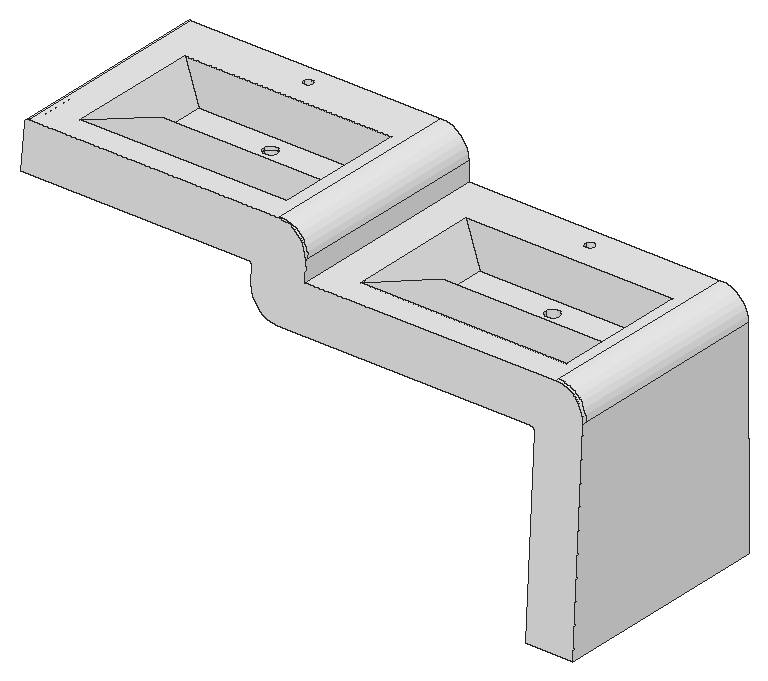
Revit family "Basin-Multi_Station-Sloan-SloanStone-ELWF-Series", category Plumbing Fixtures, Revit 2014
Parameters (values of type "ELWF-82000")
  Width = 22"
  Waste Connection Height = 13"
  Waste Connection Diameter = 1 1/2"  # constant formula
  Waste Connection = yes
  Waste 1 Location = 30"
  Warranty Information = "3 Year (Limited)"  # constant formula
  WFU = 2
  Vent Connection = no
  URL = "https://www.sloan.com/"
  Product Page URL = ""
  Product Documentation Link = "https://specifications.sloan.com/sloan-spec/template/spec-template/fixtureId/29310"
  Price = "Prices may vary. Please consult Manufacturer Representative for most up-to-date price list."  # constant formula
  Model = "ELWF-82000"
  Material = "SloanStone-Sloan-WH-White"
  Manufacturer = "Sloan"  # constant formula
  Length = 60"
  Installation Type = "Wall Mounted"  # constant formula
  IAPMO Compliance = "UPC"
  Hot Water Connection Width = 2"  # constant formula
  Hot Water Connection Height = 15"  # constant formula
  Hot Water Connection Diameter = 1/2"  # constant formula
  Height = 30"
  HWFU = 1.5
  HW Connection = yes
  Finish = SloanStone-Sloan-WH-White
  Faucet 4 = no
  Faucet 3 = no
  Faucet 2 = yes
  Faucet 1 = yes
  Diameter Waste 4 = if(Faucet 4, 1 1/2", 0")  # 0"
  Diameter Waste 3 = if(Faucet 3, 1 1/2", 0")  # 0"
  Diameter Waste 2 = if(Faucet 2, 1 1/2", 0")  # 1 1/2"
  Diameter Waste 1 = if(Faucet 1, 1 1/2", 0")  # 1 1/2"
  Diameter Faucet 4 = if(Faucet 4, 1/2", 0")  # 0"
  Diameter Faucet 3 = if(Faucet 3, 1/2", 0")  # 0"
  Diameter Faucet 2 = if(Faucet 2, 1/2", 0")  # 1/2"
  Diameter Faucet 1 = if(Faucet 1, 1/2", 0")  # 1/2"
  Description Waste 4 = if(Faucet 4, "1 1/2'' Waste Connection Outlet", " ")  # " "
  Description Waste 3 = if(Faucet 3, "1 1/2'' Waste Connection Outlet", " ")  # " "
  Description Waste 2 = if(Faucet 2, "1 1/2'' Waste Connection Outlet", " ")  # "1 1/2'' Waste Connection Outlet"
  Description Waste 1 = if(Faucet 1, "1 1/2'' Waste Connection Outlet", " ")  # "1 1/2'' Waste Connection Outlet"
  HW Connection 4 = if(Faucet 4, "1/2'' HW Inlet 4", " ")  # " "
  HW Connection 3 = if(Faucet 3, "1/2'' HW Inlet 3", " ")  # " "
  HW Connection 2 = if(Faucet 2, "1/2'' HW Inlet 2", " ")  # "1/2'' HW Inlet 2"
  Description = "Two station solid surface waterfall lavatory system equipped with Sloan sensor activated faucets.\r"  # constant formula
  HW Connection 1 = if(Faucet 1, "1/2'' HW Inlet 1", " ")  # "1/2'' HW Inlet 1"
  Default Elevation = 0"
  Creation Date = "5/24/18"  # constant formula
  Cold Water Connection Width = Hot Water Connection Width  # 2"
  Cold Water Connection Height = Hot Water Connection Height  # 15"
  Cold Water Connection Diameter = Hot Water Connection Diameter  # 1/2"
  CWFU = 1.5
  CW Connection 4 = if(Faucet 4, "1/2'' CW Inlet 4", " ")  # " "
  CW Connection 3 = if(Faucet 3, "1/2'' CW Inlet 3", " ")  # " "
  CW Connection 2 = if(Faucet 2, "1/2'' CW Inlet 2", " ")  # "1/2'' CW Inlet 2"
  CW Connection 1 = if(Faucet 1, "1/2'' CW Inlet 1", " ")  # "1/2'' CW Inlet 1"
  CW Connection = yes
  Basin Shape = "Rectangular"  # constant formula
  Assembly Code = "D2010300"
  ADA Compliant = yes
Reference planes
  plane 1 "Center (Front/Back)": y = 3.179
  plane 2: z = 0
  plane 3 "Center (Left/Right)": x = 0
  plane 4: x = 765.03
  plane 5: y = -276.221
  plane 6: y = 282.579
  plane 7: y = -315.957
  plane 8: x = 638.03
  plane 9: z = 635
  plane 10: x = -758.97
  plane 11: x = -98.425
  plane 12: x = -657.37
  plane 13: x = 101.6
  plane 14: x = 660.4
  plane 15: y = 228.604
  plane 16: x = -381
  plane 17: x = 381
  plane 18: y = 101.388
  plane 19: x = -380.603
  plane 20: x = -1142.715
  plane 21: x = -1904.593
  plane 22: x = -1663.415
  plane 23: x = 330.2
  plane 24: x = 431.8
  plane 25: x = -329.803
  plane 26: x = -431.403
  plane 27: x = -1193.515
  plane 28: x = -1091.915
  plane 29: x = -1853.793
  plane 30: x = -1955.393
  plane 31: z = 381
  plane 32: z = 330.2
  plane 33: z = 762
  plane 34: x = -73.025
  plane 35: x = -682.77
  plane 36: y = 281.785
Forms (mm)
  Sweep 1, solid, material "SloanStone-Sloan-WH-White" <- "Finish"
    path origin (0, 3.179, 0) x (1, 0, 0) y (0, 0, 1)
      loop
        line (765.03, 0) -> (765.03, 558.8)
        arc (765.03, 558.8) -> (742.711, 612.682) -> (688.83, 635) r 76.2
        line (688.83, 635) -> (9.525, 635) -> (9.525, 685.8)
        arc (9.525, 685.8) -> (-12.793, 739.682) -> (-66.675, 762) r 76.2
        line (-66.675, 762) -> (-739.461, 762)
    profile origin (765.03, 3.179, 279.4) x (-1, 0, 0) y (0, -1, 0)
      loop
        line (12.7, -279.4) -> (12.7, 314.239) -> (0, 314.239) -> (0, -279.4) -> (12.7, -279.4)
  Extrusion 2, solid, material "SloanStone-Sloan-WH-White" <- "Finish"
    sketch origin (0, 3.179, 0) x (1, 0, 0) y (0, 0, 1)
      loop
        line (-66.675, 762) -> (-741.069, 762)
        arc (-741.069, 762) -> (-749.074, 758.81) -> (-752.691, 750.99) r 11.639
        line (-752.691, 750.99) -> (-758.875, 635) -> (-139.014, 635)
        arc (-139.014, 635) -> (-134.524, 633.14) -> (-132.664, 628.65) r 6.35
        line (-132.664, 628.65) -> (-132.664, 584.012)
        arc (-132.664, 584.012) -> (-109.663, 531.391) -> (-56.465, 509.758) r 76.225
        line (-56.465, 509.758) -> (625.33, 509.758)
        arc (625.33, 509.758) -> (634.31, 506.038) -> (638.03, 497.058) r 12.7
        line (638.03, 497.058) -> (638.03, 0) -> (765.03, 0) -> (765.03, 558.8)
        arc (765.03, 558.8) -> (742.711, 612.682) -> (688.83, 635) r 76.2
        line (688.83, 635) -> (9.525, 635) -> (9.525, 685.8)
        arc (9.525, 685.8) -> (-12.793, 739.682) -> (-66.675, 762) r 76.2
    from 262.762 to 315.957
  Extrusion 3, void
    sketch origin (0, 0, 0) x (0, 1, 0) y (0, 0, 1)
      loop
        line (-264.243, 763.768) -> (-320.679, 763.768) -> (-320.679, 0) -> (-310.628, 0) -> (-264.243, 763.768)
    from -758.97 to 765.03
  Extrusion 4, void
    sketch origin (0, -584.631, 763.768) x (0, -1, 0) y (0, 0, -1)
      loop
        line (-284.022, 763.768) -> (-340.16, 763.768) -> (-340.16, 12.7) -> (-329.742, 12.7) -> (-284.022, 763.768)
    from -758.97 to 765.03
  Extrusion 5, solid, material "SloanStone-Sloan-WH-White" <- "Finish"
    sketch origin (-258.467, 3.179, 0) x (1, 0, 0) y (0, 0, 1)
      loop
        line (-494.224, 750.99) -> (-500.407, 635) -> (-490.933, 635) -> (-484.922, 747.802)
        arc (-484.922, 747.802) -> (-484.43, 748.866) -> (-483.34, 749.3) r 1.584
        line (-483.34, 749.3) -> (-480.994, 749.3) -> (-480.994, 762) -> (-482.602, 762)
        arc (-482.602, 762) -> (-490.607, 758.81) -> (-494.224, 750.99) r 11.639
    from -279.4 to 283.47
  Extrusion 6, solid, material "SloanStone-Sloan-WH-White" <- "Finish"
    sketch origin (7.938, 0, 0) x (0, 1, 0) y (0, 0, 1)
      loop
        line (163.483, 761.997) -> (157.113, 761.997) -> (151.446, 651.967) -> (47.395, 651.967) -> (37.095, 677.948) -> (-198.219, 762) -> (-216.886, 762) -> (29.878, 674.421) -> (29.878, 645.617) -> (157.476, 645.617) -> (163.483, 761.997)
    from -665.308 to -106.363
  Extrusion 7, void
    sketch origin (0, 3.179, 0) x (1, 0, 0) y (0, 0, 1)
      loop
        line (-100.214, 751.068) -> (-140.488, 645.617) -> (-98.425, 645.617) -> (-98.425, 751.068) -> (-100.214, 751.068)
    from -279.4 to 319.136
  Extrusion 8, void
    sketch origin (0, 0, 0) x (0, 1, 0) y (0, 0, 1)
      loop
        line (157.113, 762) -> (-198.219, 762) -> (-162.664, 749.3) -> (156.459, 749.3) -> (157.113, 762)
    from -657.37 to -98.425
  Extrusion 9, void
    sketch origin (773.272, -0.666, -126.997) x (0, 1, 0) y (0, 0, 1)
      loop
        line (157.778, 761.997) -> (-197.554, 761.997) -> (-161.998, 749.297) -> (157.124, 749.297) -> (157.778, 761.997)
    from -671.672 to -112.872
  Extrusion 10, void
    sketch origin (0, 0, 0) x (0, 1, 0) y (0, 0, 1)
      loop
        line (29.878, 674.421) -> (-186.084, 751.068) -> (-204.659, 751.068) -> (-204.659, 635) -> (29.878, 635) -> (29.878, 674.421)
    from -672.229 to -81.641
  Extrusion 11, void
    sketch origin (0, 0, 0) x (0, 1, 0) y (0, 0, 1)
      loop
        line (162.919, 751.068) -> (157.255, 641.347) -> (171.957, 641.347) -> (171.957, 751.068) -> (162.919, 751.068)
    from -682.77 to -73.025
  Revolve 12, solid, material "SloanStone-Sloan-WH-White" <- "Finish"
    sketch origin (381, 389.297, 1219.2) x (0, 1, 0) y (0, 0, 1)
      loop
        line (-287.908, -734.834) -> (-287.908, -698.808) -> (-336.235, -698.808)
        arc (-336.235, -698.808) -> (-331.021, -702.444) -> (-328.331, -708.203) r 12.25
        line (-328.331, -708.203) -> (-325.302, -725.382)
        arc (-325.302, -725.382) -> (-321.39, -732.158) -> (-314.038, -734.834) r 11.438
        line (-314.038, -734.834) -> (-287.908, -734.834)
      axis (-287.908, -698.808) -> (-287.908, -734.834)
    angle from 0 to 360
  Extrusion 13, void
    sketch origin (0, 0, 0) x (1, 0, 0) y (0, 1, 0)
      loop
        circle (381, 101.388) r 19.05
    from 481.81 to 552.602
  Extrusion 14, void
    sketch origin (0, 0, 0) x (1, 0, 0) y (0, 1, 0)
      loop
        circle (-381, 101.388) r 19.05
    from 595.9 to 698.129
  Revolve 15, solid, material "SloanStone-Sloan-WH-White" <- "Finish"
    sketch origin (-381, 237.952, 1219.2) x (0, -1, 0) y (0, 0, 1)
      loop
        line (136.564, -609.608) -> (136.564, -573.583) -> (88.237, -573.583)
        arc (88.237, -573.583) -> (93.451, -577.218) -> (96.141, -582.977) r 12.25
        line (96.141, -582.977) -> (99.17, -600.156)
        arc (99.17, -600.156) -> (103.082, -606.932) -> (110.435, -609.608) r 11.438
        line (110.435, -609.608) -> (136.564, -609.608)
      axis (136.564, -573.583) -> (136.564, -609.608)
    angle from 0 to 360
  Extrusion 16, void
    sketch origin (0, 0, 0) x (1, 0, 0) y (0, 1, 0)
      loop
        circle (-380.603, 228.604) r 12.7
    from 749.3 to 762
  Extrusion 17, void
    sketch origin (425.45, 0, 0) x (1, 0, 0) y (0, 1, 0)
      loop
        circle (-44.45, 228.604) r 12.7
    from 622.3 to 635
  Extrusion 18, void
    sketch origin (-764.096, 0, 0) x (1, 0, 0) y (0, 1, 0)
      loop
        circle (-378.619, 228.604) r 12.7
    from 749.3 to 763.768
  Extrusion 19, void
    sketch origin (-1526.768, 0, 0) x (1, 0, 0) y (0, 1, 0)
      loop
        circle (-377.825, 228.604) r 12.7
    from 749.3 to 762
  Extrusion 20, void
    sketch origin (-1142.563, 0, 0) x (1, 0, 0) y (0, 1, 0)
      loop
        circle (-520.852, 101.388) r 19.05
    from 595.9 to 698.129
  Revolve 21, solid, material "SloanStone-Sloan-WH-White" <- "Finish", visible <- "Faucet 4"
    sketch origin (-1663.415, 1970.433, 1219.2) x (0, 1, 0) y (0, 0, 1)
      loop
        line (-1869.045, -609.608) -> (-1842.915, -609.608)
        arc (-1842.915, -609.608) -> (-1835.563, -606.932) -> (-1831.651, -600.156) r 11.438
        line (-1831.651, -600.156) -> (-1828.622, -582.977)
        arc (-1828.622, -582.977) -> (-1825.932, -577.218) -> (-1820.718, -573.583) r 12.25
        line (-1820.718, -573.583) -> (-1869.045, -573.583) -> (-1869.045, -609.608)
      axis (-1869.045, -573.583) -> (-1869.045, -609.608)
    angle from 0 to 360
  Extrusion 22, solid, material "SloanStone-Sloan-WH-White" <- "Finish"
    sketch origin (-763.759, 0, 0) x (-1, 0, 0) y (0, 0, -1)
      loop
        line (-150.839, -645.617) -> (-106.389, -761.997) -> (-91.529, -761.997) -> (-135.979, -645.617) -> (-150.839, -645.617)
    from -163.483 to 198.219
  Extrusion 23, solid, material "SloanStone-Sloan-WH-White" <- "Finish"
    sketch origin (0.499, 0, 0) x (1, 0, 0) y (0, 0, 1)
      loop
        line (-82.14, 762) -> (-98.924, 762) -> (-143.374, 645.617) -> (-126.59, 645.617) -> (-82.14, 762)
    from -163.575 to 198.219
  Extrusion 24, void
    sketch origin (-755.65, 3.179, 0) x (-1, 0, 0) y (0, 0, -1)
      loop
        line (-87.596, -751.068) -> (-85.807, -751.068) -> (-85.807, -645.617) -> (-127.871, -645.617) -> (-87.596, -751.068)
    from -231.461 to 197.759
  Extrusion 25, solid, material "SloanStone-Sloan-WH-White" <- "Finish"
    sketch origin (771.838, 0, -127) x (0, 1, 0) y (0, 0, 1)
      loop
        line (163.483, 761.997) -> (157.113, 761.997) -> (151.446, 651.967) -> (47.395, 651.967) -> (37.095, 677.948) -> (-198.219, 762) -> (-216.886, 762) -> (29.878, 674.421) -> (29.878, 645.617) -> (157.476, 645.617) -> (163.483, 761.997)
    from -665.308 to -106.363
  Extrusion 26, void
    sketch origin (763.901, 3.179, -127) x (1, 0, 0) y (0, 0, 1)
      loop
        line (-100.214, 751.068) -> (-140.488, 645.617) -> (-98.425, 645.617) -> (-98.425, 751.068) -> (-100.214, 751.068)
    from -279.4 to 319.136
  Extrusion 27, void
    sketch origin (763.901, 0, -127) x (0, 1, 0) y (0, 0, 1)
      loop
        line (29.878, 674.421) -> (-186.084, 751.068) -> (-198.219, 751.068) -> (-198.219, 635) -> (29.878, 635) -> (29.878, 674.421)
    from -686.945 to -73.025
  Extrusion 28, void
    sketch origin (763.901, 0, -127) x (0, 1, 0) y (0, 0, 1)
      loop
        line (162.919, 751.068) -> (157.255, 641.347) -> (171.957, 641.347) -> (171.957, 751.068) -> (162.919, 751.068)
    from -682.77 to -73.025
  Extrusion 29, void
    sketch origin (8.251, 3.179, -127) x (-1, 0, 0) y (0, 0, -1)
      loop
        line (-87.596, -751.068) -> (-85.807, -751.068) -> (-85.807, -645.617) -> (-127.871, -645.617) -> (-87.596, -751.068)
    from -231.461 to 197.759
  Extrusion 30, solid, material "SloanStone-Sloan-WH-White" <- "Finish"
    sketch origin (759.324, 0, -127) x (1, 0, 0) y (0, 0, 1)
      loop
        line (-82.14, 762) -> (-98.924, 762) -> (-143.374, 645.617) -> (-126.59, 645.617) -> (-82.14, 762)
    from -163.575 to 198.219
  Extrusion 31, solid, material "SloanStone-Sloan-WH-White" <- "Finish"
    sketch origin (2.662, 0, -127) x (-1, 0, 0) y (0, 0, -1)
      loop
        line (-74.294, -762) -> (-118.744, -645.617) -> (-143.752, -645.617) -> (-99.302, -762) -> (-74.294, -762)
    from -163.575 to 198.219
  Extrusion 32, solid, not visible
    sketch origin (0, 3.179, 0) x (1, 0, 0) y (0, 0, 1)
      loop
        circle (-1193.515, 381) r 6.35
      loop
        circle (-1091.915, 381) r 6.35
      loop
        circle (-1142.715, 330.2) r 19.05
    from -279.4 to -278.606
  Extrusion 33, solid, not visible
    sketch origin (-762.672, 3.179, 0) x (1, 0, 0) y (0, 0, 1)
      loop
        circle (-1192.721, 381) r 6.35
      loop
        circle (-1091.121, 381) r 6.35
      loop
        circle (-1141.921, 330.2) r 19.05
    from -279.4 to -278.606
  Extrusion 34, solid, not visible
    sketch origin (760.921, 3.179, 0) x (1, 0, 0) y (0, 0, 1)
      loop
        circle (-1192.324, 381) r 6.35
      loop
        circle (-1090.724, 381) r 6.35
      loop
        circle (-1141.524, 330.2) r 19.05
    from -279.4 to -278.606
  Extrusion 35, solid, not visible
    sketch origin (1519.746, 3.179, 0) x (1, 0, 0) y (0, 0, 1)
      loop
        circle (-1189.546, 381) r 6.35
      loop
        circle (-1087.946, 381) r 6.35
      loop
        circle (-1138.746, 330.2) r 19.05
    from -279.4 to -278.606
Cuts and joins
  Extrusion 3, Extrusion 8, Extrusion 9, Extrusion 16, Extrusion 17, Extrusion 18, Extrusion 19 cuts Sweep 1
  Extrusion 3, Extrusion 4, Extrusion 8, Extrusion 9, Extrusion 16, Extrusion 17, Extrusion 18, Extrusion 19 cuts Extrusion 2
  Extrusion 3, Extrusion 8, Extrusion 9, Extrusion 16, Extrusion 17, Extrusion 18, Extrusion 19 cuts Extrusion 5
  Extrusion 7, Extrusion 9, Extrusion 14, Extrusion 16, Extrusion 17, Extrusion 18, Extrusion 19, Extrusion 20, Extrusion 24 cuts Extrusion 6
  Extrusion 13, Extrusion 17, Extrusion 18, Extrusion 19 cuts Revolve 12
  Extrusion 8, Extrusion 9, Extrusion 14, Extrusion 16, Extrusion 17, Extrusion 18, Extrusion 19, Extrusion 20 cuts Revolve 15
  Extrusion 9, Extrusion 10, Extrusion 11, Extrusion 17, Extrusion 18, Extrusion 19 cuts Extrusion 22
  Extrusion 9, Extrusion 10, Extrusion 11, Extrusion 17, Extrusion 18, Extrusion 19 cuts Extrusion 23
  Extrusion 13, Extrusion 17, Extrusion 18, Extrusion 19, Extrusion 26, Extrusion 29 cuts Extrusion 25
  Extrusion 17, Extrusion 18, Extrusion 19, Extrusion 27, Extrusion 28 cuts Extrusion 30
  Extrusion 17, Extrusion 18, Extrusion 19, Extrusion 27, Extrusion 28 cuts Extrusion 31
  joined: Sweep 1, Extrusion 2, Extrusion 5, Extrusion 6, Revolve 12, Revolve 15, Extrusion 22, Extrusion 23, Extrusion 25, Extrusion 30, Extrusion 31
  Extrusion 20 cuts Revolve 21
Lines and regions (mm)
  Masking region 1
    outline origin (0, 0, 0) x (1, 0, 0) y (0, 1, 0)
      loop
        line (-758.875, 282.579) -> (-758.875, -272.064) -> (-138.931, -272.064)
        spline (-138.931, -272.064) -> (-138.11, -272.068) -> (-137.304, -272.078) -> (-136.526, -272.095) -> (-135.791, -272.117) -> (-135.11, -272.145) -> (-134.495, -272.178) -> (-133.956, -272.216) -> (-133.502, -272.258) -> (-133.14, -272.303) -> (-132.878, -272.35) -> (-132.718, -272.399) -> (-132.664, -272.449)
        line (-132.664, -272.449) -> (-132.664, -275.143)
        spline (-132.664, -275.143) -> (-131.835, -275.732) -> (-129.771, -276.311) -> (-126.504, -276.868) -> (-122.09, -277.396) -> (-116.6, -277.886) -> (-110.124, -278.328) -> (-102.769, -278.718) -> (-94.654, -279.046) -> (-85.912, -279.31) -> (-76.687, -279.504) -> (-67.129, -279.624) -> (-57.396, -279.67)
        line (-57.396, -279.67) -> (625.496, -279.67)
        spline (625.496, -279.67) -> (627.139, -279.678) -> (628.751, -279.698) -> (630.305, -279.732) -> (631.776, -279.777) -> (633.138, -279.833) -> (634.369, -279.899) -> (635.447, -279.975) -> (636.355, -280.058) -> (637.078, -280.148) -> (637.603, -280.243) -> (637.922, -280.341) -> (638.03, -280.44)
        line (638.03, -280.44) -> (638.03, -310.628) -> (765.03, -310.628) -> (765.03, 282.579) -> (-758.875, 282.579)
  symbolic lines, style "PlumbingFixturesHiddenLines", visible <- "Faucet 4", detail levels medium+fine
    curve 1: arc (-1891.893, 228.604, 0) -> (-1904.593, 215.904, 0) -> (-1917.293, 228.604, 0) r 12.7
    curve 2: arc (-1917.293, 228.604, 0) -> (-1904.593, 241.304, 0) -> (-1891.893, 228.604, 0) r 12.7
    curve 13: arc (-1644.365, 101.388, 0) -> (-1663.415, 82.338, 0) -> (-1682.465, 101.388, 0) r 19.05
    curve 14: arc (-1682.465, 101.388, 0) -> (-1663.415, 120.438, 0) -> (-1644.365, 101.388, 0) r 19.05
  symbolic lines, style "PlumbingFixturesHiddenLines", visible <- "Faucet 3", detail levels medium+fine
    curve 3: arc (-1130.015, 228.604, 0) -> (-1142.715, 215.904, 0) -> (-1155.415, 228.604, 0) r 12.7
    curve 4: arc (-1155.415, 228.604, 0) -> (-1142.715, 241.304, 0) -> (-1130.015, 228.604, 0) r 12.7
  symbolic lines, style "PlumbingFixtures", detail levels medium+fine
    curve 5: arc (-367.903, 228.604, 0) -> (-380.603, 215.904, 0) -> (-393.303, 228.604, 0) r 12.7
    curve 6: arc (-393.303, 228.604, 0) -> (-380.603, 241.304, 0) -> (-367.903, 228.604, 0) r 12.7
    curve 7: arc (393.7, 228.604, 0) -> (381, 215.904, 0) -> (368.3, 228.604, 0) r 12.7
    curve 8: arc (368.3, 228.604, 0) -> (381, 241.304, 0) -> (393.7, 228.604, 0) r 12.7
    curve 9: arc (400.05, 101.388, 0) -> (381, 82.338, 0) -> (361.95, 101.388, 0) r 19.05
    curve 10: arc (361.95, 101.388, 0) -> (381, 120.438, 0) -> (400.05, 101.388, 0) r 19.05
    curve 11: arc (-361.95, 101.388, 0) -> (-381, 82.338, 0) -> (-400.05, 101.388, 0) r 19.05
    curve 12: arc (-400.05, 101.388, 0) -> (-381, 120.438, 0) -> (-361.95, 101.388, 0) r 19.05
    curve 15: line (-657.37, 157.113, 0) -> (-98.425, 157.113, 0)
    curve 16: line (-657.37, -198.219, 0) -> (-657.37, 157.113, 0)
    curve 17: line (-98.425, -198.219, 0) -> (-657.37, -198.219, 0)
    curve 18: line (-98.425, 157.113, 0) -> (-98.425, -198.219, 0)
    curve 19: line (101.963, 157.113, 0) -> (660.4, 157.113, 0)
    curve 20: line (101.963, -198.219, 0) -> (101.963, 157.113, 0)
    curve 21: line (660.4, -198.219, 0) -> (101.963, -198.219, 0)
    curve 22: line (660.4, 157.113, 0) -> (660.4, -198.219, 0)
    curve 23: line (9.525, 282.579, 0) -> (9.525, -272.064, 0)
    curve 46: line (9.525, -272.064, 0) -> (689.829, -272.064, 0)
    curve 47: spline (689.829, -272.064, 0) -> (699.692, -272.111, 0) -> (709.37, -272.235, 0) -> (718.702, -272.435, 0) -> (727.53, -272.705, 0) -> (735.705, -273.043, 0) -> (743.09, -273.442, 0) -> (749.561, -273.896, 0) -> (755.008, -274.397, 0) -> (759.341, -274.936, 0) -> (762.486, -275.504, 0) -> (764.391, -276.093, 0) -> (765.022, -276.691, 0)
    curve 48: spline (-65.676, -264.351, 0) -> (-55.813, -264.398, 0) -> (-46.135, -264.522, 0) -> (-36.803, -264.722, 0) -> (-27.975, -264.992, 0) -> (-19.8, -265.33, 0) -> (-12.415, -265.729, 0) -> (-5.944, -266.183, 0) -> (-0.496, -266.684, 0) -> (3.836, -267.223, 0) -> (6.981, -267.791, 0) -> (8.886, -268.38, 0) -> (9.517, -268.978, 0)
    curve 49: line (-741.207, -264.351, 0) -> (-65.676, -264.351, 0)
    curve 50: spline (-752.69, -265.019, 0) -> (-752.522, -264.931, 0) -> (-752.173, -264.846, 0) -> (-751.65, -264.763, 0) -> (-750.96, -264.685, 0) -> (-750.115, -264.613, 0) -> (-749.128, -264.548, 0) -> (-748.013, -264.49, 0) -> (-746.79, -264.442, 0) -> (-745.477, -264.403, 0) -> (-744.094, -264.375, 0) -> (-742.663, -264.357, 0) -> (-741.207, -264.351, 0)
    curve 51: line (-752.69, -265.019, 0) -> (-752.69, 282.488, 0)
    curve 52: line (-758.875, -272.064, 0) -> (-752.691, -265.019, 0)
  symbolic lines, style "PlumbingFixtures", detail levels fine
    curve 24: line (-625.267, 37.095, 0) -> (-657.37, -198.219, 0)
    curve 25: line (-615.344, 47.395, 0) -> (-625.267, 37.095, 0)
    curve 26: line (-615.344, 151.446, 0) -> (-615.344, 47.395, 0)
    curve 27: line (-140.45, 151.446, 0) -> (-615.344, 151.446, 0)
    curve 28: line (-657.37, 157.113, 0) -> (-615.344, 151.446, 0)
    curve 29: line (-615.344, 47.395, 0) -> (-140.45, 47.395, 0)
    curve 30: line (-625.267, 37.095, 0) -> (-130.527, 37.095, 0)
    curve 31: line (-98.425, -198.219, 0) -> (-130.527, 37.095, 0)
    curve 32: line (-130.527, 37.095, 0) -> (-140.45, 47.395, 0)
    curve 33: line (-140.45, 47.395, 0) -> (-140.45, 151.446, 0)
    curve 34: line (-140.45, 151.446, 0) -> (-98.425, 157.113, 0)
    curve 35: line (101.963, -198.219, 0) -> (134.065, 37.095, 0)
    curve 36: line (628.298, 37.095, 0) -> (134.065, 37.095, 0)
    curve 37: line (143.988, 47.395, 0) -> (618.375, 47.395, 0)
    curve 38: line (143.988, 47.395, 0) -> (143.988, 151.446, 0)
    curve 39: line (134.065, 37.095, 0) -> (143.988, 47.395, 0)
    curve 40: line (143.988, 151.446, 0) -> (101.963, 157.113, 0)
    curve 41: line (143.988, 151.446, 0) -> (618.375, 151.446, 0)
    curve 42: line (618.375, 47.395, 0) -> (628.298, 37.095, 0)
    curve 43: line (660.4, -198.219, 0) -> (628.298, 37.095, 0)
    curve 44: line (618.375, 151.446, 0) -> (618.375, 47.395, 0)
    curve 45: line (618.375, 151.446, 0) -> (660.4, 157.113, 0)
Dimensions and locks
  plane 6 to plane 5 = 22"
  equal spacing: plane 6, plane 1 "Center (Front/Back)", plane 5
  plane 3 "Center (Left/Right)" to plane 8 to plane 4 = 25.11928" locked, 5" locked
  plane 11 to plane 3 "Center (Left/Right)" = 3 7/8"
  locked: plane 10 to plane 12 at 101.6
  plane 3 "Center (Left/Right)" to plane 13 to plane 14 to plane 4 = 4", 22" locked, 4.11928" locked
  plane 10 to plane 3 "Center (Left/Right)" = 29.88072"
  plane 6 to plane 7 = 23.56441"
  "Width": plane 6 to plane 5
  "Length": plane 10 to plane 4
  plane 13 to plane 17 to plane 14 = 11", 11"
  plane 12 to plane 19 to plane 11 = 10.89634", 11 7/64"
  plane 9 to level = 25"
  equal spacing: plane 23, plane 17, plane 24
  "Hot Water Connection Width": plane 23 to plane 17
  equal spacing: plane 26, plane 19, plane 25
  "Hot Water Connection Width": plane 26 to plane 19
  equal spacing: plane 27, plane 20, plane 28
  "Hot Water Connection Width": plane 27 to plane 20
  equal spacing: plane 30, plane 21, plane 29
  "Hot Water Connection Width": plane 30 to plane 21
  "Waste Connection Height": plane 32 to level
  "Hot Water Connection Height": plane 31 to level
  "Height": plane 33 to level
  plane 12 to plane 11 = 22.00572"
  locked: plane 6 to plane 15 at 53.975
  locked: Sweep 1 sketch curve to Sweep 1 sketch curve at 593.639
  locked: plane 11 to plane 34 at 25.4
  locked: plane 35 to plane 12 at 25.4
  locked: plane 6 to plane 36 at 0.794
  "Waste 1 Location": plane 16 to plane 17
  plane 20 to plane 19 = 30.00439"
  plane 20 to plane 17 = 59.98876"
  plane 20 to plane 16 = 29.98876"
  plane 22 to plane 20 = 20 1/2"
  plane 21 to plane 20 = 29.99523"
  aligned and locked: Extrusion 2 sketch curve to plane 4
  aligned and locked: plane 4 to Extrusion 3
  aligned and locked: Extrusion 3 to plane 10
  aligned and locked: Extrusion 4 to Extrusion 3
  aligned and locked: Extrusion 6 to plane 11
  aligned and locked: Extrusion 7 sketch curve to Extrusion 6  (x2)
  aligned and locked: plane 7 to Extrusion 7
  aligned and locked: plane 6 to Extrusion 7
  aligned and locked: Extrusion 6 to Extrusion 8  (x2)
  aligned and locked: Extrusion 7 to Extrusion 6
  aligned and locked: plane 15 to Extrusion 16 sketch curve
  aligned and locked: plane 19 to Extrusion 16 sketch curve
  aligned and locked: plane 17 to Extrusion 17 sketch curve
  aligned and locked: plane 15 to Extrusion 17 sketch curve
  aligned and locked: plane 20 to Extrusion 18 sketch curve
  aligned and locked: plane 15 to Extrusion 18 sketch curve
  aligned and locked: plane 21 to Extrusion 19 sketch curve
  aligned and locked: plane 15 to Extrusion 19 sketch curve
  aligned and locked: plane 18 to Extrusion 20 sketch curve
  aligned and locked: plane 22 to Extrusion 20 sketch curve
  aligned and locked: plane 33 to Extrusion 2 sketch curve
  aligned and locked: Extrusion 2 to Extrusion 5 sketch curve
  aligned and locked: plane 9 to Sweep 1 sketch curve
  aligned and locked: Sweep 1 to Extrusion 16  (x2)
  aligned and locked: plane 12 to Extrusion 6
  aligned and locked: Extrusion 10 to Extrusion 23
  aligned and locked: Extrusion 11 to plane 34
  aligned and locked: plane 35 to Extrusion 11
  aligned and locked: plane 6 to Sweep 1 sketch curve
  aligned and locked: plane 6 to Extrusion 5
  aligned and locked: Extrusion 26 sketch curve to Extrusion 25  (x2)
  aligned and locked: Extrusion 26 to Extrusion 25
  aligned and locked: plane 14 to Extrusion 9
  aligned and locked: Extrusion 9 to plane 13
  aligned and locked: Extrusion 28 to Extrusion 27
  aligned and locked: Sweep 1 to Extrusion 17
  aligned and locked: Extrusion 30 to Extrusion 9
  aligned and locked: plane 27 to Extrusion 32 sketch curve
  aligned and locked: plane 28 to Extrusion 32 sketch curve
  aligned and locked: plane 20 to Extrusion 32 sketch curve
  aligned and locked: plane 32 to Extrusion 32 sketch curve
  aligned and locked: plane 31 to Extrusion 32 sketch curve  (x2)
  aligned and locked: plane 6 to Extrusion 32
  aligned and locked: Extrusion 32 to plane 36
  aligned and locked: plane 30 to Extrusion 33 sketch curve
  aligned and locked: plane 29 to Extrusion 33 sketch curve
  aligned and locked: plane 21 to Extrusion 33 sketch curve
  aligned and locked: plane 32 to Extrusion 33 sketch curve
  aligned and locked: plane 31 to Extrusion 33 sketch curve  (x2)
  aligned and locked: plane 26 to Extrusion 34 sketch curve
  aligned and locked: plane 31 to Extrusion 34 sketch curve  (x2)
  aligned and locked: plane 25 to Extrusion 34 sketch curve
  aligned and locked: plane 19 to Extrusion 34 sketch curve
  aligned and locked: plane 32 to Extrusion 34 sketch curve
  aligned and locked: plane 23 to Extrusion 35 sketch curve
  aligned and locked: plane 24 to Extrusion 35 sketch curve
  aligned and locked: plane 31 to Extrusion 35 sketch curve
  aligned and locked: plane 17 to Extrusion 35 sketch curve
  aligned and locked: plane 32 to Extrusion 35 sketch curve
  aligned and locked: Extrusion 33 to plane 36
  aligned and locked: plane 6 to Extrusion 33
  aligned and locked: Extrusion 34 to plane 36
  aligned and locked: plane 6 to Extrusion 34
  aligned and locked: Extrusion 35 to plane 36
  aligned and locked: plane 6 to Extrusion 35
  aligned and locked: Sweep 1 to Extrusion 18
  aligned and locked: cut or joined group 1 (Sweep 1, Extrusion 2, Extrusion 3, Extrusion 4, Extrusion 5, Extrusion 6, Extrusion 7, Extrusion 8, Extrusion 9, Extrusion 10, Extrusion 11, Revolve 12, Extrusion 13, Extrusion 14, Revolve 15, Extrusion 16, Extrusion 17, Extrusion 18, Extrusion 19, Extrusion 20, Extrusion 22, Extrusion 23, Extrusion 24, Extrusion 25, Extrusion 26, Extrusion 27, Extrusion 28, Extrusion 29, Extrusion 30, Extrusion 31) to Extrusion 19
  aligned and locked: Extrusion 19 to cut or joined group 1
  aligned and locked: curve 15 to cut or joined group 1
  aligned and locked: curve 16 to cut or joined group 1
  aligned and locked: curve 17 to cut or joined group 1
  aligned and locked: curve 18 to cut or joined group 1
  aligned and locked: curve 19 to cut or joined group 1
  aligned and locked: curve 20 to cut or joined group 1
  aligned and locked: curve 21 to cut or joined group 1
  aligned and locked: curve 22 to cut or joined group 1
  aligned and locked: curve 24 to cut or joined group 1
  aligned and locked: curve 25 to cut or joined group 1
  aligned and locked: curve 26 to cut or joined group 1
  aligned and locked: curve 27 to cut or joined group 1
  aligned and locked: curve 28 to cut or joined group 1
  aligned and locked: curve 29 to cut or joined group 1
  aligned and locked: curve 30 to cut or joined group 1
  aligned and locked: curve 31 to cut or joined group 1
  aligned and locked: curve 32 to cut or joined group 1
  aligned and locked: curve 33 to cut or joined group 1
  aligned and locked: curve 34 to cut or joined group 1
  aligned and locked: curve 35 to cut or joined group 1
  aligned and locked: curve 36 to cut or joined group 1
  aligned and locked: curve 37 to cut or joined group 1
  aligned and locked: curve 38 to cut or joined group 1
  aligned and locked: curve 39 to cut or joined group 1
  aligned and locked: curve 40 to cut or joined group 1
  aligned and locked: curve 41 to cut or joined group 1
  aligned and locked: curve 42 to cut or joined group 1
  aligned and locked: curve 43 to cut or joined group 1
  aligned and locked: curve 44 to cut or joined group 1
  aligned and locked: curve 45 to cut or joined group 1
  aligned and locked: curve 46 to cut or joined group 1
  aligned and locked: curve 49 to cut or joined group 1
  aligned and locked: Masking region 1 sketch curve to cut or joined group 1  (x6)
  aligned and locked: cut or joined group 1 to Masking region 1 sketch curve  (x2)
  aligned and locked: curve 52 to cut or joined group 1
Automatic sketch dimensions
  Sweep 1 sketch curve to plane 33 = 0"
  Sweep 1 sketch curve to plane 4 = 0"
  Sweep 1 sketch curve to level = 0"
  plane 14 to Sweep 1 sketch curve = 1.11928"
  plane 3 "Center (Left/Right)" to Sweep 1 sketch curve = 3/8"
  Sweep 1 sketch curve to plane 34 = 1/4"
  plane 10 to Sweep 1 sketch curve = 0.76808"
  Sweep 1 sketch curve to profile plane = 0"
  Sweep 1 sketch curve to profile plane = 1/2"
  Extrusion 2 sketch curve to plane 9 = 0"  (x2)
  plane 8 to Extrusion 2 sketch curve = 0"
  Extrusion 2 sketch curve to level = 0"
  Extrusion 2 sketch curve to Extrusion 2 sketch curve = 1/2"
  plane 3 "Center (Left/Right)" to Extrusion 2 sketch curve = 3/8"
  Extrusion 2 sketch curve to plane 34 = 0.65199"
  Extrusion 2 sketch curve to plane 34 = 1/4"
  plane 11 to Extrusion 2 sketch curve = 1.34801"
  Extrusion 2 sketch curve to plane 9 = 1/4"
  Extrusion 2 sketch curve to plane 33 = 0.45824"
  plane 10 to Extrusion 2 sketch curve = 0.70477"
  plane 10 to Extrusion 2 sketch curve = 0.24721"
  plane 10 to Extrusion 2 sketch curve = 0.00377"
  plane 14 to Extrusion 2 sketch curve = 1.11928"
  Extrusion 2 sketch curve to Extrusion 2 sketch curve = 2.4308"
  Extrusion 2 sketch curve to Extrusion 2 sketch curve = 1.75738"
  Extrusion 3 sketch curve to level = 0"
  plane 7 to Extrusion 3 sketch curve = 0.18589"
  Extrusion 3 sketch curve to plane 7 = 0.20981"
  plane 33 to Extrusion 3 sketch curve = 0.06962"
  plane 5 to Extrusion 3 sketch curve = 0.47157"
  Extrusion 4 sketch curve to level = 0"
  Extrusion 4 sketch curve to plane 33 = 0.43038"
  plane 5 to Extrusion 4 sketch curve = 1 1/4"
  Extrusion 4 sketch curve to Extrusion 4 sketch curve = 105/256"
  Extrusion 4 sketch curve to plane 7 = 0.60428"
  Extrusion 5 sketch curve to plane 9 = 0"
  plane 10 to Extrusion 5 sketch curve = 0.00377"
  plane 10 to Extrusion 5 sketch curve = 0.24721"
  Extrusion 5 sketch curve to Extrusion 5 sketch curve = 0.37301"
  Extrusion 5 sketch curve to Extrusion 5 sketch curve = 0.36621"
  Extrusion 5 sketch curve to Extrusion 5 sketch curve = 0.06227"
  Extrusion 5 sketch curve to Extrusion 5 sketch curve = 0.02908"
  Extrusion 5 sketch curve to Extrusion 5 sketch curve = 0.06331"
  Extrusion 5 sketch curve to plane 33 = 0.56237"
  Extrusion 5 sketch curve to Extrusion 5 sketch curve = 0.00337"
  Extrusion 5 sketch curve to Extrusion 5 sketch curve = 0.04176"
  Extrusion 6 sketch curve to plane 33 = 0"
  plane 5 to Extrusion 6 sketch curve = 2.33605"
  Extrusion 6 sketch curve to Extrusion 6 sketch curve = 0.7349"
  Extrusion 6 sketch curve to plane 1 "Center (Front/Back)" = 1.05116"
  Extrusion 6 sketch curve to Extrusion 6 sketch curve = 0.28411"
  Extrusion 6 sketch curve to Extrusion 6 sketch curve = 0.68965"
  plane 9 to Extrusion 6 sketch curve = 0.66801"
  plane 18 to Extrusion 6 sketch curve = 1.97078"
  Extrusion 6 sketch curve to plane 33 = 0.00013"
  plane 18 to Extrusion 6 sketch curve = 2.19387"
  plane 9 to Extrusion 6 sketch curve = 0.41801"
  Extrusion 6 sketch curve to Extrusion 6 sketch curve = 0.23738"
  Extrusion 6 sketch curve to Extrusion 6 sketch curve = 0.25082"
  Extrusion 6 sketch curve to Extrusion 6 sketch curve = 0.88399"
  Extrusion 6 sketch curve to Extrusion 6 sketch curve = 0.13886"
  plane 11 to Extrusion 7 sketch curve = 0.07042"
  plane 11 to Extrusion 7 sketch curve = 1.65604"
  Extrusion 7 sketch curve to plane 33 = 0.43038"
  Extrusion 8 sketch curve to plane 33 = 0"
  plane 5 to Extrusion 8 sketch curve = 3.07095"
  Extrusion 8 sketch curve to plane 33 = 1/2"
  Extrusion 8 sketch curve to Extrusion 8 sketch curve = 1.39981"
  plane 18 to Extrusion 8 sketch curve = 2.16813"
  Extrusion 8 sketch curve to Extrusion 8 sketch curve = 0.02575"
  Extrusion 9 sketch curve to plane 9 = 0"
  plane 5 to Extrusion 9 sketch curve = 3.07095"
  Extrusion 9 sketch curve to plane 9 = 1/2"
  Extrusion 9 sketch curve to Extrusion 9 sketch curve = 1.39981"
  plane 18 to Extrusion 9 sketch curve = 2.16813"
  Extrusion 9 sketch curve to Extrusion 9 sketch curve = 0.02575"
  Extrusion 10 sketch curve to plane 9 = 0"
  Extrusion 10 sketch curve to plane 33 = 0.43038"
  plane 5 to Extrusion 10 sketch curve = 2.8174"
  Extrusion 10 sketch curve to Extrusion 10 sketch curve = 0.7313"
  Extrusion 10 sketch curve to plane 1 "Center (Front/Back)" = 1.05116"
  plane 9 to Extrusion 10 sketch curve = 1.552"
  plane 9 to Extrusion 11 sketch curve = 0.24987"
  plane 18 to Extrusion 11 sketch curve = 2.19948"
  Extrusion 11 sketch curve to plane 33 = 0.43038"
  plane 18 to Extrusion 11 sketch curve = 2.42248"
  Extrusion 11 sketch curve to Extrusion 11 sketch curve = 0.57882"
  Revolve 12 sketch curve to plane 18 = 0"  (x2)
  Revolve 12 sketch curve to plane 18 = 1.02871"
  Revolve 12 sketch curve to Revolve 12 sketch curve = 0.44347"
  Revolve 12 sketch curve to Revolve 12 sketch curve = 0.11926"
  Revolve 12 sketch curve to Revolve 12 sketch curve = 0.3112"
  Revolve 12 sketch curve to Revolve 12 sketch curve = 0.16375"
  plane 31 to Revolve 12 sketch curve = 4.06955"
  Revolve 12 sketch curve to Revolve 12 sketch curve = 0.37212"
  Revolve 12 sketch curve to Revolve 12 sketch curve = 0.59259"
  Revolve 12 sketch curve to Revolve 12 sketch curve = 0.08375"
  Revolve 12 sketch curve to Revolve 12 sketch curve = 1/4"
  Revolve 12 sketch curve to Revolve 12 sketch curve = 0.15231"
  Extrusion 13 sketch curve to plane 17 = 0"
  Extrusion 13 sketch curve to plane 18 = 0"
  Extrusion 14 sketch curve to plane 16 = 0"
  Extrusion 14 sketch curve to plane 18 = 0"
  Revolve 15 sketch curve to plane 18 = 0"  (x2)
  plane 18 to Revolve 15 sketch curve = 1.02871"
  Revolve 15 sketch curve to plane 9 = 0.6282"
  Revolve 15 sketch curve to Revolve 15 sketch curve = 0.44347"
  plane 9 to Revolve 15 sketch curve = 0.04813"
  Revolve 15 sketch curve to Revolve 15 sketch curve = 0.11926"
  Revolve 15 sketch curve to Revolve 15 sketch curve = 0.3112"
  Revolve 15 sketch curve to plane 9 = 0.03562"
  Revolve 15 sketch curve to Revolve 15 sketch curve = 0.16375"
  Revolve 15 sketch curve to plane 9 = 1.00032"
  Revolve 15 sketch curve to Revolve 15 sketch curve = 1/4"
  Revolve 15 sketch curve to Revolve 15 sketch curve = 0.15231"
  Revolve 21 sketch curve to plane 18 = 0"  (x2)
  plane 18 to Revolve 21 sketch curve = 1.02871"
  Revolve 21 sketch curve to plane 9 = 0.6282"
  Revolve 21 sketch curve to Revolve 21 sketch curve = 0.44347"
  plane 9 to Revolve 21 sketch curve = 0.04813"
  Revolve 21 sketch curve to Revolve 21 sketch curve = 0.11926"
  Revolve 21 sketch curve to Revolve 21 sketch curve = 0.3112"
  Revolve 21 sketch curve to plane 9 = 0.03562"
  Revolve 21 sketch curve to Revolve 21 sketch curve = 0.16375"
  Revolve 21 sketch curve to plane 9 = 1.00032"
  Revolve 21 sketch curve to Revolve 21 sketch curve = 1/4"
  Revolve 21 sketch curve to Revolve 21 sketch curve = 0.15231"
  Extrusion 22 sketch curve to plane 9 = 0.41801"
  plane 12 to Extrusion 22 sketch curve = 1.75005"
  Extrusion 22 sketch curve to Extrusion 22 sketch curve = 0.58504"
  plane 12 to Extrusion 22 sketch curve = 0.00005"
  plane 33 to Extrusion 22 sketch curve = 0.00013"
  plane 35 to Extrusion 22 sketch curve = 0.41501"
  plane 11 to Extrusion 23 sketch curve = 0"
  Extrusion 23 sketch curve to plane 33 = 0"
  plane 9 to Extrusion 23 sketch curve = 0.41801"
  plane 11 to Extrusion 23 sketch curve = 1.08923"
  Extrusion 23 sketch curve to Extrusion 23 sketch curve = 0.66077"
  plane 34 to Extrusion 23 sketch curve = 0.33923"
  Extrusion 24 sketch curve to plane 9 = 0.41801"
  plane 12 to Extrusion 24 sketch curve = 1.165"
  Extrusion 24 sketch curve to plane 12 = 0.42062"
  Extrusion 24 sketch curve to plane 12 = 0.49104"
  plane 33 to Extrusion 24 sketch curve = 0.43038"
  Extrusion 25 sketch curve to plane 9 = 0"
  plane 5 to Extrusion 25 sketch curve = 2.33605"
  Extrusion 25 sketch curve to Extrusion 25 sketch curve = 0.7349"
  Extrusion 25 sketch curve to plane 1 "Center (Front/Back)" = 1.05116"
  Extrusion 25 sketch curve to Extrusion 25 sketch curve = 0.28411"
  Extrusion 25 sketch curve to Extrusion 25 sketch curve = 0.68965"
  plane 18 to Extrusion 25 sketch curve = 1.97078"
  Extrusion 25 sketch curve to plane 9 = 0.00013"
  plane 18 to Extrusion 25 sketch curve = 2.19387"
  Extrusion 25 sketch curve to Extrusion 25 sketch curve = 0.23738"
  Extrusion 25 sketch curve to Extrusion 25 sketch curve = 0.25082"
  Extrusion 25 sketch curve to plane 9 = 3.30913"
  Extrusion 25 sketch curve to Extrusion 25 sketch curve = 0.13886"
  Extrusion 25 sketch curve to plane 9 = 4.33199"
  Extrusion 25 sketch curve to Extrusion 25 sketch curve = 1/4"
  Extrusion 26 sketch curve to Extrusion 26 sketch curve = 0.07042"
  plane 8 to Extrusion 26 sketch curve = 0.57549"
  Extrusion 26 sketch curve to plane 9 = 0.43038"
  Extrusion 27 sketch curve to plane 9 = 0.43038"
  plane 5 to Extrusion 27 sketch curve = 3.07095"
  Extrusion 27 sketch curve to Extrusion 27 sketch curve = 0.47775"
  Extrusion 27 sketch curve to plane 1 "Center (Front/Back)" = 1.05116"
  Extrusion 27 sketch curve to plane 9 = 3.448"
  Extrusion 27 sketch curve to Extrusion 27 sketch curve = 4.56962"
  plane 18 to Extrusion 28 sketch curve = 2.19948"
  Extrusion 28 sketch curve to plane 9 = 0.43038"
  plane 18 to Extrusion 28 sketch curve = 2.42248"
  Extrusion 28 sketch curve to Extrusion 28 sketch curve = 0.57882"
  Extrusion 28 sketch curve to Extrusion 28 sketch curve = 4.31974"
  Extrusion 29 sketch curve to plane 13 = 1.35911"
  plane 13 to Extrusion 29 sketch curve = 0.22651"
  plane 13 to Extrusion 29 sketch curve = 0.29693"
  plane 9 to Extrusion 29 sketch curve = 4.58199"
  plane 9 to Extrusion 29 sketch curve = 0.43038"
  Extrusion 30 sketch curve to plane 9 = 0"
  Extrusion 30 sketch curve to plane 14 = 0"
  plane 8 to Extrusion 30 sketch curve = 0.20851"
  Extrusion 30 sketch curve to Extrusion 30 sketch curve = 0.66077"
  plane 14 to Extrusion 30 sketch curve = 0.66077"
  Extrusion 30 sketch curve to plane 9 = 4.58199"
  Extrusion 31 sketch curve to plane 9 = 0"
  plane 13 to Extrusion 31 sketch curve = 1.76431"
  plane 13 to Extrusion 31 sketch curve = 0.77974"
  plane 13 to Extrusion 31 sketch curve = 0.01431"
  Extrusion 31 sketch curve to plane 13 = 0.97026"
  Extrusion 31 sketch curve to plane 9 = 4.58199"
  Extrusion 35 sketch curve to plane 31 = 0"
  curve 1 to plane 15 = 0"
  curve 2 to plane 21 = 0"
  curve 13 to plane 18 = 0"
